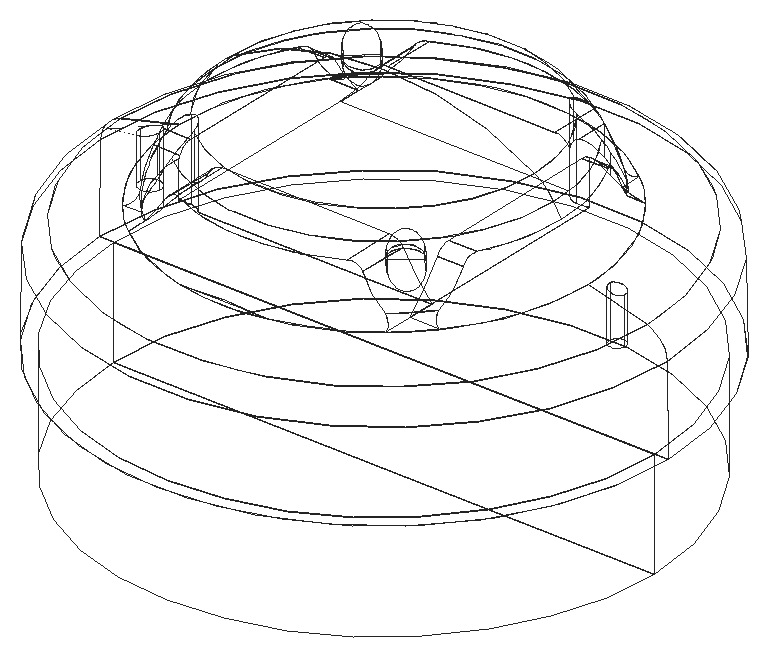
Revit family "Maxlogic dedektör mounting base cw buzzer", category Fire Alarm Devices, host Face, Revit 2022
Family settings
  Host = Face
  Round Connector Dimension = Use Diameter
  Part Type = Normal
  OmniClass Number = 23.85.30.21
  OmniClass Title = Environmental Detection/Registration
  Cut with Voids When Loaded = No
  Maintain Annotation Orientation = Yes
  Shared = No
  Room Calculation Point = No
Parameters (values of type "Maxlogic Intelligent Addressable Photo-Electric Smoke Detector, Short Circuit Isolator mounting base c/w buzzer")
  Weight = "100 gr"
  Weatherproof surface mounting back box = "ML-0121"
  Warranty Duration Unit = "Year"
  Warranty Duration Parts = "2"
  Warranty Duration Labor = "2"
  Version = ""
  URL = "https://www.mavili.com.tr/en"
  Recessed mounting base = "ML-0150"
  Public Works Pose Number = "833-501"
  Protection Sign = ""
  Product Code = "ML-1110.SCI"
  Phone Number = "(+)90 216 466 45 05"
  Operatonal Voltage (default) = "26 V/DC"
  Operating voltage range = "18-33V/DC"
  Operating temperature = "(-10°C) - (+50°C)"
  Nominal Depth = "51 mm"
  Nominal Width = "106 mm"
  Nominal Height = "106 mm"
  Multisensor Circle = no
  Mounting surface = "Ceiling mount"
  Mounting height = ""
  Model = "Maxlogic"
  Manufacturer = "Mavili Elektronik Ticaret A.Ş."
  Heat Circle = no
  Installation Manual = "https://mavilielektronik.com/Revit/ML11XX_kk.pdf"
  Indicator output = "MG-4000.A"
  Fax Number = "(+)90 216 466 45 10"
  External supply = ""
  Email = "mavili@mavili.com.tr"
  Disclaimer = ""
  Device Adress Setup = "The address is given to devices by addressable programmer"
  Description = "Intelligent Addressable Photo-Electric Smoke Detector, Short Circuit Isolator mounting base c/w buzzer"
  Default Elevation = 0 mm
  Current consumption = ""
  Cost unıt = ""
  Cost = 0
  Compatible sockets = "ML-0141"
  Color = "White"
  Code Performance = "EN 54-7 / EN 54-17"
  Main Material = "White Plastic PC/ABS"
  Secondary Material = "Plastic"
  Address line 1 = "Şerifali Mahallesi Kutup Sokak No:27/1-2-4 Ümraniye TR-34775 İSTANBUL"
Types (11, lengths in mm): name | Weight | Public Works Pose Number | Product Code | Operating voltage range | Multisensor Circle | Heat Circle | Installation Manual | Indicator output | Device Adress Setup | Description | Code Performance
  (no name) | "100 gr" | "833-501" | "ML-1110.SCI" | "18-33V/DC" | no | no | "https://mavilielektronik.com/Revit/ML11XX_kk.pdf" | "MG-4000.A" | "The address is given to devices by addressable programmer" | "Intelligent Addressable Photo-Electric Smoke Detector, Short Circuit Isolator mounting base c/w buzzer" | "EN 54-7 / EN 54-17"
  Maxlogic Conventional Optical smoke dedector mounting base c/w buzzer | "140 gr" | "832-106" | "ML-2110" | "10-30V/DC" | no | no | "https://mavilielektronik.com/Revit/ML21XX_kk.pdf" | "MG-4000" | "" | "Conventional Optical smoke dedector mounting base c/w buzzer" | "EN 54-7"
  Maxlogic Intelligent Addressable Photo-Electric Smoke Detector mounting base c/w buzzer | "100 gr" | "833-500" | "ML-1110" | "18-33V/DC" | no | no | "https://mavilielektronik.com/Revit/ML11XX_kk.pdf" | "MG-4000.A" | "The address is given to devices by addressable programmer" | "Intelligent Addressable Photo-Electric Smoke Detector mounting base c/w buzzer" | "EN 54-7"
  Maxlogic Intelligent Addressable Photo-Electric Smoke Detector, Short Circuit Isolator mounting base c/w buzzer | "100 gr" | "833-501" | "ML-1110.SCI" | "18-33V/DC" | no | no | "https://mavilielektronik.com/Revit/ML11XX_kk.pdf" | "MG-4000.A" | "The address is given to devices by addressable programmer" | "Intelligent Addressable Photo-Electric Smoke Detector, Short Circuit Isolator mounting base c/w buzzer" | "EN 54-7 / EN 54-17"
  Maxlogic Conventional Fixed heat detector mounting base c/w buzzer | "135 gr" | "832-102" | "ML-2120" | "10-30V/DC" | no | yes | "https://mavilielektronik.com/Revit/ML21XX_kk.pdf" | "MG-4000" | "" | "Conventional Fixed heat detector mounting base c/w buzzer" | "EN 54-5"
  Maxlogic Conventional Rate of rise heat detector mounting base c/w buzzer | "135 gr" | "832-103" | "ML-2130" | "10-30V/DC" | no | yes | "https://mavilielektronik.com/Revit/ML21XX_kk.pdf" | "MG-4000" | "" | "Conventional Rate of rise heat detector mounting base c/w buzzer" | "EN 54-5"
  Maxlogic Intelligent Addressable Heat Detector mounting base c/w buzzer | "95 gr" | "833-520" | "ML-1130" | "18-33V/DC" | no | yes | "https://mavilielektronik.com/Revit/ML11XX_kk.pdf" | "MG-4000.A" | "The address is given to devices by addressable programmer" | "Intelligent Addressable Heat Detector mounting base c/w buzzer" | "EN 54-5"
  Maxlogic Intelligent Addressable Heat Detector, Short Circuit Isolator mounting base c/w buzzer | "95 gr" | "833-521" | "ML-1130.SCI" | "18-33V/DC" | no | yes | "https://mavilielektronik.com/Revit/ML11XX_kk.pdf" | "MG-4000.A" | "The address is given to devices by addressable programmer" | "Intelligent Addressable Heat Detector, Short Circuit Isolator mounting base c/w buzzer" | "EN 54-5 / EN 54-17"
  Maxlogic Conventional Multi-Sensor detector mounting base c/w buzzer | "141 gr" | "832-109" | "ML-2140" | "10-30V/DC" | yes | yes | "https://mavilielektronik.com/Revit/ML21XX_kk.pdf" | "MG-4000" | "" | "Conventional Multi-Sensor detector mounting base c/w buzzer" | "EN 54-5 / EN 54-7"
  Maxlogic Intelligent Addressable Multisensor Detector (Photo-Electric Smoke+Heat ) mounting base c/w buzzer | "100 gr" | "833-530" | "ML-1140" | "18-33V/DC" | yes | yes | "https://mavilielektronik.com/Revit/ML11XX_kk.pdf" | "MG-4000.A" | "The address is given to devices by addressable programmer" | "Addressable Multisensor Detector (Photo-Electric Smoke+Heat ) mounting base c/w buzzer" | "EN 54-5 / EN 54-7 / EN 54-17"
  Maxlogic Intelligent Addressable Multisensor Detector (Photo-Electric Smoke+Heat ), Short Circuit Isolator mounting base c/w buzzer | "100 gr" | "833-531" | "ML-1140.SCI" | "18-33V/DC" | yes | yes | "https://mavilielektronik.com/Revit/ML11XX_kk.pdf" | "MG-4000.A" | "The address is given to devices by addressable programmer" | "Intelligent Addressable Multisensor Detector (Photo-Electric Smoke+Heat ), Short Circuit Isolator mounting base c/w buzzer" | "EN 54-5 / EN 54-7 / EN 54-17"
Reference planes
  plane 1 "Center (Front/Back)": y = 0
  plane 2: z = 0
  plane 3 "Center (Left/Right)": x = 0
Forms (mm)
  Revolve 1, solid, material "Mavili beyaz"
    sketch origin (0, 0, 15) x (1, 0, 0) y (0, 0, 1)
      loop
        line (-52.919, 5) -> (0, 5) -> (0, 51.518)
        arc (0, 51.518) -> (-14.553, 49.716) -> (-28.057, 44) r 53.06
        arc (-28.057, 44) -> (-30.023, 42.467) -> (-31.557, 40.5) r 10.149
        arc (-31.557, 40.5) -> (-33.994, 35.835) -> (-35.524, 30.799) r 28.268
        arc (-35.524, 30.799) -> (-36.595, 29.67) -> (-38, 29) r 4.27
        line (-38, 29) -> (-48.929, 26.072)
        arc (-48.929, 26.072) -> (-51.575, 24.32) -> (-52.634, 21.329) r 5
        line (-52.634, 21.329) -> (-52.919, 5)
      axis (0, 5) -> (0, 51.518)
    angle from 0 to 360
  Extrusion 2, void
    sketch origin (-0.604, 5.6, 15) x (0, -1, 0) y (0, 0, 1)
      loop
        spline (-12.932, 36.606) -> (-13.32, 35.909) -> (-13.72, 35.223) -> (-14.132, 34.547) -> (-14.556, 33.882) -> (-14.992, 33.229) -> (-15.439, 32.588) -> (-15.897, 31.958) -> (-16.366, 31.341) -> (-16.847, 30.737) -> (-17.338, 30.145) -> (-17.839, 29.566) -> (-18.351, 29)
        line (-18.351, 29) -> (29.551, 29)
        spline (29.551, 29) -> (28.951, 29.556) -> (28.363, 30.124) -> (27.786, 30.704) -> (27.219, 31.297) -> (26.664, 31.901) -> (26.121, 32.516) -> (25.589, 33.143) -> (25.07, 33.781) -> (24.562, 34.43) -> (24.067, 35.09) -> (23.585, 35.759) -> (23.115, 36.439)
        spline (23.115, 36.439) -> (22.965, 36.668) -> (22.796, 36.886) -> (22.611, 37.091) -> (22.411, 37.28) -> (22.199, 37.451) -> (21.978, 37.602) -> (21.751, 37.73) -> (21.521, 37.835) -> (21.289, 37.914) -> (21.06, 37.967) -> (20.837, 37.993) -> (20.618, 38)
        line (20.618, 38) -> (-10.439, 37.994)
        spline (-10.439, 37.994) -> (-10.678, 37.983) -> (-10.918, 37.951) -> (-11.159, 37.897) -> (-11.397, 37.822) -> (-11.63, 37.727) -> (-11.856, 37.613) -> (-12.072, 37.481) -> (-12.276, 37.332) -> (-12.466, 37.169) -> (-12.64, 36.992) -> (-12.796, 36.804) -> (-12.932, 36.606)
    from 23.347 to 38.235
  Extrusion 3, void
    sketch origin (5.6, -13.629, 15) x (-1, 0, 0) y (0, 0, -1)
      loop
        spline (-12.932, -36.606) -> (-12.796, -36.804) -> (-12.64, -36.992) -> (-12.466, -37.169) -> (-12.276, -37.332) -> (-12.072, -37.481) -> (-11.856, -37.613) -> (-11.63, -37.727) -> (-11.397, -37.822) -> (-11.159, -37.897) -> (-10.918, -37.951) -> (-10.678, -37.983) -> (-10.439, -37.994)
        line (-10.439, -37.994) -> (20.618, -38)
        spline (20.618, -38) -> (20.837, -37.993) -> (21.06, -37.967) -> (21.289, -37.914) -> (21.521, -37.835) -> (21.751, -37.73) -> (21.978, -37.602) -> (22.199, -37.451) -> (22.411, -37.28) -> (22.611, -37.091) -> (22.796, -36.886) -> (22.965, -36.668) -> (23.115, -36.439)
        spline (23.115, -36.439) -> (23.585, -35.759) -> (24.067, -35.09) -> (24.562, -34.43) -> (25.07, -33.781) -> (25.589, -33.143) -> (26.121, -32.516) -> (26.664, -31.901) -> (27.219, -31.297) -> (27.786, -30.704) -> (28.363, -30.124) -> (28.951, -29.556) -> (29.551, -29)
        line (29.551, -29) -> (-18.351, -29)
        spline (-18.351, -29) -> (-17.839, -29.566) -> (-17.338, -30.145) -> (-16.847, -30.737) -> (-16.366, -31.341) -> (-15.897, -31.958) -> (-15.439, -32.588) -> (-14.992, -33.229) -> (-14.556, -33.882) -> (-14.132, -34.547) -> (-13.72, -35.223) -> (-13.32, -35.909) -> (-12.932, -36.606)
    from 5.109 to 23.424
  Extrusion 4, void
    sketch origin (5.6, 59.203, 15) x (-1, 0, 0) y (0, 0, 1)
      loop
        spline (-12.932, 36.606) -> (-13.32, 35.909) -> (-13.72, 35.223) -> (-14.132, 34.547) -> (-14.556, 33.882) -> (-14.992, 33.229) -> (-15.439, 32.588) -> (-15.897, 31.958) -> (-16.366, 31.341) -> (-16.847, 30.737) -> (-17.338, 30.145) -> (-17.839, 29.566) -> (-18.351, 29)
        line (-18.351, 29) -> (29.551, 29)
        spline (29.551, 29) -> (28.951, 29.556) -> (28.363, 30.124) -> (27.786, 30.704) -> (27.219, 31.297) -> (26.664, 31.901) -> (26.121, 32.516) -> (25.589, 33.143) -> (25.07, 33.781) -> (24.562, 34.43) -> (24.067, 35.09) -> (23.585, 35.759) -> (23.115, 36.439)
        spline (23.115, 36.439) -> (22.965, 36.668) -> (22.796, 36.886) -> (22.611, 37.091) -> (22.411, 37.28) -> (22.199, 37.451) -> (21.978, 37.602) -> (21.751, 37.73) -> (21.521, 37.835) -> (21.289, 37.914) -> (21.06, 37.967) -> (20.837, 37.993) -> (20.618, 38)
        line (20.618, 38) -> (-10.439, 37.994)
        spline (-10.439, 37.994) -> (-10.678, 37.983) -> (-10.918, 37.951) -> (-11.159, 37.897) -> (-11.397, 37.822) -> (-11.63, 37.727) -> (-11.856, 37.613) -> (-12.072, 37.481) -> (-12.276, 37.332) -> (-12.466, 37.169) -> (-12.64, 36.992) -> (-12.796, 36.804) -> (-12.932, 36.606)
    from -39.5 to -20.535
  Extrusion 5, void
    sketch origin (39.396, 5.6, 15) x (0, -1, 0) y (0, 0, 1)
      loop
        spline (-12.932, 36.606) -> (-13.32, 35.909) -> (-13.72, 35.223) -> (-14.132, 34.547) -> (-14.556, 33.882) -> (-14.992, 33.229) -> (-15.439, 32.588) -> (-15.897, 31.958) -> (-16.366, 31.341) -> (-16.847, 30.737) -> (-17.338, 30.145) -> (-17.839, 29.566) -> (-18.351, 29)
        line (-18.351, 29) -> (29.551, 29)
        spline (29.551, 29) -> (28.951, 29.556) -> (28.363, 30.124) -> (27.786, 30.704) -> (27.219, 31.297) -> (26.664, 31.901) -> (26.121, 32.516) -> (25.589, 33.143) -> (25.07, 33.781) -> (24.562, 34.43) -> (24.067, 35.09) -> (23.585, 35.759) -> (23.115, 36.439)
        spline (23.115, 36.439) -> (22.965, 36.668) -> (22.796, 36.886) -> (22.611, 37.091) -> (22.411, 37.28) -> (22.199, 37.451) -> (21.978, 37.602) -> (21.751, 37.73) -> (21.521, 37.835) -> (21.289, 37.914) -> (21.06, 37.967) -> (20.837, 37.993) -> (20.618, 38)
        line (20.618, 38) -> (-10.439, 37.994)
        spline (-10.439, 37.994) -> (-10.678, 37.983) -> (-10.918, 37.951) -> (-11.159, 37.897) -> (-11.397, 37.822) -> (-11.63, 37.727) -> (-11.856, 37.613) -> (-12.072, 37.481) -> (-12.276, 37.332) -> (-12.466, 37.169) -> (-12.64, 36.992) -> (-12.796, 36.804) -> (-12.932, 36.606)
    from 0.766 to 15.446
  Extrusion 6, void
    sketch origin (1.322, 1.416, 19) x (0.087156, -0.996195, 0) y (-0.996195, -0.087156, 0)
      loop
        spline (16.87, 24.595) -> (16.963, 24.272) -> (17.107, 23.921) -> (17.305, 23.553) -> (17.56, 23.185) -> (17.87, 22.83) -> (18.224, 22.508) -> (18.612, 22.228) -> (19.022, 21.999) -> (19.436, 21.825) -> (19.839, 21.707) -> (20.213, 21.639) -> (20.55, 21.615)
        arc (20.55, 21.615) -> (22.96, 22.422) -> (24.65, 24.318) r 4.946
        spline (24.65, 24.318) -> (24.838, 24.591) -> (24.975, 24.904) -> (25.062, 25.252) -> (25.095, 25.63) -> (25.076, 26.032) -> (25.004, 26.452) -> (24.88, 26.884) -> (24.706, 27.321) -> (24.484, 27.757) -> (24.219, 28.185) -> (23.914, 28.599) -> (23.573, 28.992)
        spline (23.573, 28.992) -> (23.149, 29.264) -> (22.709, 29.497) -> (22.26, 29.69) -> (21.807, 29.839) -> (21.358, 29.942) -> (20.919, 29.998) -> (20.495, 30.005) -> (20.094, 29.964) -> (19.72, 29.875) -> (19.379, 29.74) -> (19.075, 29.561) -> (18.814, 29.339)
        arc (18.814, 29.339) -> (17.158, 27.248) -> (16.87, 24.595) r 4.815
    from -52.091 to -25
  Extrusion 7, void
    sketch origin (-1.322, -1.416, 19) x (-0.087156, 0.996195, 0) y (0.996195, 0.087156, 0)
      loop
        spline (16.87, 24.595) -> (16.963, 24.272) -> (17.107, 23.921) -> (17.305, 23.553) -> (17.56, 23.185) -> (17.87, 22.83) -> (18.224, 22.508) -> (18.612, 22.228) -> (19.022, 21.999) -> (19.436, 21.825) -> (19.839, 21.707) -> (20.213, 21.639) -> (20.55, 21.615)
        arc (20.55, 21.615) -> (22.96, 22.422) -> (24.65, 24.318) r 4.946
        spline (24.65, 24.318) -> (24.838, 24.591) -> (24.975, 24.904) -> (25.062, 25.252) -> (25.095, 25.63) -> (25.076, 26.032) -> (25.004, 26.452) -> (24.88, 26.884) -> (24.706, 27.321) -> (24.484, 27.757) -> (24.219, 28.185) -> (23.914, 28.599) -> (23.573, 28.992)
        spline (23.573, 28.992) -> (23.149, 29.264) -> (22.709, 29.497) -> (22.26, 29.69) -> (21.807, 29.839) -> (21.358, 29.942) -> (20.919, 29.998) -> (20.495, 30.005) -> (20.094, 29.964) -> (19.72, 29.875) -> (19.379, 29.74) -> (19.075, 29.561) -> (18.814, 29.339)
        arc (18.814, 29.339) -> (17.158, 27.248) -> (16.87, 24.595) r 4.815
    from -52.091 to -25
  Revolve 8, solid, material "Glass"
    sketch origin (0.301, -0.834, 51.83) x (0.996195, 0.087156, 0) y (-0.087156, 0.996195, 0)
      loop
        spline (-18.665, 27.53) -> (-19.251, 27.95) -> (-19.899, 28.27) -> (-20.595, 28.463) -> (-21.318, 28.496) -> (-22.023, 28.338) -> (-22.649, 27.979) -> (-23.134, 27.443) -> (-23.439, 26.785) -> (-23.559, 26.071) -> (-23.516, 25.347) -> (-23.339, 24.648) -> (-23.047, 23.981)
        spline (-23.047, 23.981) -> (-22.978, 23.855) -> (-22.905, 23.731) -> (-22.829, 23.609) -> (-22.75, 23.49) -> (-22.667, 23.372) -> (-22.58, 23.258) -> (-22.491, 23.145) -> (-22.398, 23.036) -> (-22.303, 22.929) -> (-22.204, 22.824) -> (-22.103, 22.722) -> (-21.998, 22.624)
        line (-21.998, 22.624) -> (-17.511, 26.168)
        spline (-17.511, 26.168) -> (-17.589, 26.296) -> (-17.67, 26.421) -> (-17.755, 26.544) -> (-17.843, 26.665) -> (-17.935, 26.783) -> (-18.03, 26.898) -> (-18.128, 27.01) -> (-18.229, 27.12) -> (-18.334, 27.227) -> (-18.441, 27.331) -> (-18.552, 27.432) -> (-18.665, 27.53)
      axis (-21.998, 22.624) -> (-17.511, 26.168)
    angle from 172.048 to -180
  Revolve 9, solid, material "Glass"
    sketch origin (-0.301, 0.834, 51.83) x (-0.996195, -0.087156, 0) y (0.087156, -0.996195, 0)
      loop
        spline (-18.665, 27.53) -> (-19.251, 27.95) -> (-19.899, 28.27) -> (-20.595, 28.463) -> (-21.318, 28.496) -> (-22.023, 28.338) -> (-22.649, 27.979) -> (-23.134, 27.443) -> (-23.439, 26.785) -> (-23.559, 26.071) -> (-23.516, 25.347) -> (-23.339, 24.648) -> (-23.047, 23.981)
        spline (-23.047, 23.981) -> (-22.978, 23.855) -> (-22.905, 23.731) -> (-22.829, 23.609) -> (-22.75, 23.49) -> (-22.667, 23.372) -> (-22.58, 23.258) -> (-22.491, 23.145) -> (-22.398, 23.036) -> (-22.303, 22.929) -> (-22.204, 22.824) -> (-22.103, 22.722) -> (-21.998, 22.624)
        line (-21.998, 22.624) -> (-17.511, 26.168)
        spline (-17.511, 26.168) -> (-17.589, 26.296) -> (-17.67, 26.421) -> (-17.755, 26.544) -> (-17.843, 26.665) -> (-17.935, 26.783) -> (-18.03, 26.898) -> (-18.128, 27.01) -> (-18.229, 27.12) -> (-18.334, 27.227) -> (-18.441, 27.331) -> (-18.552, 27.432) -> (-18.665, 27.53)
      axis (-21.998, 22.624) -> (-17.511, 26.168)
    angle from 172.048 to -180
  Sweep 10, solid, material "Mavili siyah.1", visible <- "Heat Circle"
    path origin (0, 0, 64.5) x (0, 1, 0) y (-1, 0, 0)
      loop
        arc (14.84, 0.029) -> (10.47, 10.578) -> (-0.079, 14.948) r 14.919
        arc (-0.079, 14.948) -> (-10.638, 10.574) -> (-15.012, 0.015) r 14.932
        arc (-15.012, 0.015) -> (-10.638, -10.543) -> (-0.079, -14.917) r 14.932
        arc (-0.079, -14.917) -> (10.479, -10.538) -> (14.84, 0.029) r 14.919
    profile origin (10.538, 10.479, 64.5) x (0.706483, 0.70773, 0) y (0, 0, 1)
      loop
        circle (0, 0) r 0.5
  Sweep 11, solid, material "Mavili siyah.1", visible <- "Multisensor Circle"
    path origin (0, 0, 63.025) x (0, 1, 0) y (-1, 0, 0)
      loop
        arc (19.793, 0.005) -> (13.97, 14.063) -> (-0.088, 19.886) r 19.881
        arc (-0.088, 19.886) -> (-14.145, 14.063) -> (-19.968, 0.006) r 19.88
        arc (-19.968, 0.006) -> (-14.143, -14.057) -> (-0.079, -19.882) r 19.889
        arc (-0.079, -19.882) -> (13.978, -14.057) -> (19.793, 0.005) r 19.872
    profile origin (14.057, 13.978, 63.025) x (0.706832, 0.707382, 0) y (0, 0, 1)
      loop
        circle (0, 0) r 0.5
  Extrusion 12, void
    sketch origin (0, 0, 44) x (0, 1, 0) y (-1, 0, 0)
      loop
        circle (-2.981, 41.129) r 2
      loop
        circle (2.823, -41.129) r 1.5
    from 0 to -10
  Revolve 13, solid, material "Mavili beyaz"
    sketch origin (-150, 0, 0) x (1, 0, 0) y (0, 0, 1)
      loop
        line (99.626, 20) -> (99.626, 0) -> (149.926, 0) -> (149.926, 20) -> (99.626, 20)
      axis (149.926, 0) -> (149.926, 20)
    angle from 0 to 360
Cuts and joins
  Extrusion 2, Extrusion 3, Extrusion 4, Extrusion 5, Extrusion 6, Extrusion 7, Extrusion 12 cuts Revolve 1
Dimensions and locks
  radius of Sweep 10 sketch curve = 0.5 mm
  aligned and locked: plane 2 to host face
  aligned and locked: level to host face
